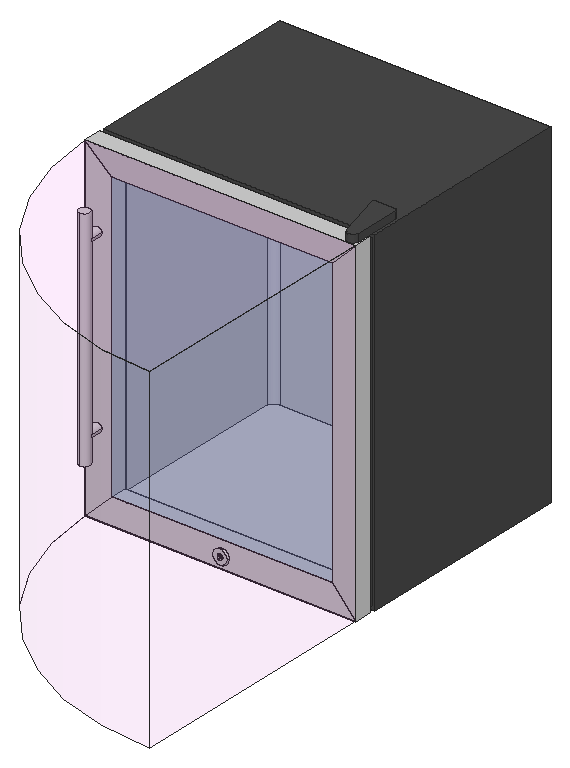
Revit family "Qf_Summit_SCR314L_Compact Beverage Center", category Specialty Equipment, Revit 2020
Family settings
  Round Connector Dimension = Use Diameter
  Part Type = Normal
  Work Plane-Based = No
  Always vertical = Yes
  Cut with Voids When Loaded = No
  Shared = No
  Room Calculation Point = No
Parameters
  Weight in Pounds = 53
  Watts = 0 W
  Volts = 115 V
  URL Cutsheet = ""
  Specification by User = ""
  Specification by Manufacturer = ""
  Show Clearance [instance] = yes
  Serial Number = ""
  Seismic Rating = ""
  SMACNA No = ""
  Revision Code = ""
  Phase = 1
  Number of Poles = 1
  NAFEM Spec ID Number = ""
  Model = "SCR314L"
  Min Ckt Ampacity = 0 A
  Max Overcurrent Protection = 0 A
  Masterspec = ""
  Manufacturer = "Summit"
  Length = 18 7/8"
  Item Number = ""
  Installed By = ""
  Identify Quantity as Lot = yes
  Height = 24 1/4"
  HP = ""
  Furnished By = ""
  Foodservice Equipment Identifier = yes
  FL Amps = 1.3 A
  Electrical Remarks = ""
  Electric Connection Type = ""
  Elec Conn RI Height = 0"
  Elec Conn Connection Height = 0"
  Description = "Compact Beverage Center"
  Depth = 17"
  Default Elevation = 0"
  Cycle = 60 Hz
  Conn Plug = ""
  Conn Conduit = yes
  CSI MasterFormat = ""
  Apparent Power = if(Phase = 3, Volts * FL Amps * 1.73, Volts * FL Amps)  # 149.5 VA
Reference planes (in)
  plane 1: z = 0
  plane 2 "LEFT": x = 0
  plane 3 "RIGHT": x = 18.875
  plane 4 "FRONT": y = -17.75
  plane 5 "TOP": z = 24.25
  plane 6 "Center Y": x = 9.4375
  plane 7 "Center X": y = -9.25
  plane 8 "BACK": y = -0.75
  plane 9: y = -19.125
  plane 10: x = 14.875
  plane 11: y = -35.75
  plane 12: y = -16.125
  plane 13: z = 20.5
  plane 14: z = 4.75
  plane 15: z = 0.75
  plane 16: z = 24.75
Forms (in)
  Extrusion 1, solid, material "QF_Metal - Stainless - Polished"
    sketch origin (22.25, -2.96287, 32) x (0, 1, 0) y (-1, 0, 0)
      loop
        circle (-15.78713, 21.5) r 0.375
    from -27.25 to -11.5
  Extrusion 2, solid, material "QF_Metal - Stainless - Polished"
    sketch origin (22.25, -2.96287, 32) x (0, 1, 0) y (-1, 0, 0)
      loop
        line (-14.78713, 22.25) -> (-14.78713, 3.375) -> (-13.53713, 3.375) -> (-13.53713, 22.25) -> (-14.78713, 22.25)
    from -31.25 to -7.75
  Extrusion 3, solid, material "QF_Plastic - Black - Matte"
    sketch origin (22.25, -2.96287, 32) x (0, 1, 0) y (-1, 0, 0)
      loop
        line (-13.16213, 3.5625) -> (-13.16213, 22.125) -> (-13.53713, 22.125) -> (-13.53713, 3.5625) -> (-13.16213, 3.5625)
    from -31.0055 to -8
  Extrusion 4, solid, material "QF_Plastic - Black - Matte"
    sketch origin (22.25, -2.96287, 32) x (0, 1, 0) y (-1, 0, 0)
      loop
        line (2.21287, 22.25) -> (-13.16213, 22.25) -> (-13.16213, 3.375) -> (2.21287, 3.375) -> (2.21287, 22.25)
    from -31.25 to -7.75
  Extrusion 5, void
    sketch origin (22.25, -2.96287, 32) x (0, 1, 0) y (-1, 0, 0)
      loop
        arc (-0.43754, 20.1875) -> (-0.58399, 20.54105) -> (-0.93754, 20.6875) r 0.5
        line (-0.93754, 20.6875) -> (-13.53713, 20.6875) -> (-13.53713, 4.9375) -> (-0.93754, 4.9375)
        arc (-0.93754, 4.9375) -> (-0.58399, 5.08395) -> (-0.43754, 5.4375) r 0.5
        line (-0.43754, 5.4375) -> (-0.43754, 20.1875)
    from -29.875 to -9.125
  Extrusion 6, void
    sketch origin (23.6875, -25.51715, 36.42187) x (1, 0, 0) y (0, 0, -1)
      loop
        line (-21.94167, 13.92187) -> (-6.55833, 13.92187) -> (-6.55833, 33.92187) -> (-21.94167, 33.92187) -> (-21.94167, 13.92187)
    from 7.74174 to 9.01715
  Sweep 7, void
    path origin (0, -17.75, 32) x (1, 0, 0) y (0, 0, 1)
      loop
        line (18.875, -7.75) -> (0, -7.75) -> (0, -31.25) -> (18.875, -31.25) -> (18.875, -7.75)
    profile origin (9.4375, -17.75, 24.25) x (0, 0, -1) y (0, -1, 0)
      loop
        line (-0.25, 0.02001) -> (1.75, -0.14009) -> (1.75, 0.35676) -> (-0.25, 0.35676) -> (-0.25, 0.02001)
  Extrusion 8, solid, material "Glass"
    sketch origin (0, -1.625, 32) x (1, 0, 0) y (0, 0, -1)
      loop
        line (1.74583, 9.5) -> (17.12917, 9.5) -> (17.12917, 29.5) -> (1.74583, 29.5) -> (1.74583, 9.5)
    from -15.98524 to -14.875
  Extrusion 9, solid, material "QF_Metal - Stainless - Polished"
    sketch origin (23.6875, -25.51715, 36.42187) x (1, 0, 0) y (0, 0, -1)
      loop
        circle (-22.9375, 17.67187) r 0.33055
      loop
        circle (-22.9375, 29.92187) r 0.33055
    from 6.76715 to 7.88135
  Extrusion 10, solid, material "QF_Plastic - Black - Matte"
    sketch origin (22.25, -2.96287, 24.25) x (0, 1, 0) y (-1, 0, 0)
      loop
        line (-10.93754, 3.6875) -> (-10.93754, 5.0625)
        arc (-10.93754, 5.0625) -> (-10.98794, 5.1628) -> (-11.0985, 5.18222) r 0.125
        line (-11.0985, 5.18222) -> (-14.42041, 4.29665)
        arc (-14.42041, 4.29665) -> (-14.68356, 3.88298) -> (-14.31254, 3.5625) r 0.375
        line (-14.31254, 3.5625) -> (-11.06254, 3.5625)
        arc (-11.06254, 3.5625) -> (-10.97415, 3.59911) -> (-10.93754, 3.6875) r 0.125
    from 0 to 0.5
  Extrusion 11, solid, material "QF_Metal - Stainless - Polished"
    sketch origin (-1, -0.75, 32) x (1, 0, 0) y (0, 0, -1)
      loop
        circle (15.875, 30.33891) r 0.25
    from 0 to 0.22467
  Blend 12, solid, material "QF_Metal - Stainless - Polished"
    base sketch origin (0, -17.75, 32) x (1, 0, 0) y (0, 0, 1)
      loop
        circle (9.4375, -30.5) r 0.5625
    top sketch origin (0, -17.75, 32) x (1, 0, 0) y (0, 0, 1)
      loop
        circle (9.4375, -30.5) r 0.5
    from -0.21564 to 0.03026
  Extrusion 13, void
    sketch origin (0, -17.78026, 32) x (-1, 0, 0) y (0, 0, 1)
      loop
        circle (-9.4375, -30.5) r 0.1875
      loop
        spline (-9.4375, -30.63957) -> (-9.43188, -30.63481) -> (-9.42663, -30.62087) -> (-9.42213, -30.59869) -> (-9.41868, -30.56978) -> (-9.41651, -30.53612) -> (-9.41577, -30.5) -> (-9.41651, -30.46388) -> (-9.41868, -30.43022) -> (-9.42213, -30.40131) -> (-9.42663, -30.37913) -> (-9.43188, -30.36519) -> (-9.4375, -30.36043)
        spline (-9.4375, -30.36043) -> (-9.44312, -30.36519) -> (-9.44837, -30.37913) -> (-9.45287, -30.40131) -> (-9.45632, -30.43022) -> (-9.45849, -30.46388) -> (-9.45923, -30.5) -> (-9.45849, -30.53612) -> (-9.45632, -30.56978) -> (-9.45287, -30.59869) -> (-9.44837, -30.62087) -> (-9.44312, -30.63481) -> (-9.4375, -30.63957)
      loop
        circle (-9.4375, -30.5) r 0.16207
    from 0 to 0.17002
  Revolve 14, solid, material "QF_Plastic - Black - Matte"
    sketch origin (0, -15, 32) x (1, 0, 0) y (0, 0, 1)
      loop
        line (2.125, -31.4375) -> (1.75, -31.4375) -> (1.75, -31.25) -> (1.5625, -31.25) -> (1.5625, -32) -> (2.07084, -32)
        arc (2.07084, -32) -> (2.10914, -31.98414) -> (2.125, -31.94584) r 0.05416
        line (2.125, -31.94584) -> (2.125, -31.4375)
      axis (1.5625, -32) -> (1.5625, -31.25)
    angle from 0 to 360
  Revolve 15, solid, material "QF_Plastic - Black - Matte"
    sketch origin (18.875, -15, 32) x (-1, 0, 0) y (0, 0, -1)
      loop
        line (2.125, 31.4375) -> (2.125, 31.94584)
        arc (2.125, 31.94584) -> (2.10914, 31.98414) -> (2.07084, 32) r 0.05416
        line (2.07084, 32) -> (1.5625, 32) -> (1.5625, 31.25) -> (1.75, 31.25) -> (1.75, 31.4375) -> (2.125, 31.4375)
      axis (1.5625, 32) -> (1.5625, 31.25)
    angle from 0 to 360
  Revolve 16, solid, material "QF_Plastic - Black - Matte"
    sketch origin (0, -1.75, 32) x (1, 0, 0) y (0, 0, 1)
      loop
        line (2.125, -31.4375) -> (1.75, -31.4375) -> (1.75, -31.25) -> (1.5625, -31.25) -> (1.5625, -32) -> (2.07084, -32)
        arc (2.07084, -32) -> (2.10914, -31.98414) -> (2.125, -31.94584) r 0.05416
        line (2.125, -31.94584) -> (2.125, -31.4375)
      axis (1.5625, -32) -> (1.5625, -31.25)
    angle from 0 to 360
  Revolve 17, solid, material "QF_Plastic - Black - Matte"
    sketch origin (18.875, -1.75, 32) x (-1, 0, 0) y (0, 0, -1)
      loop
        line (2.125, 31.4375) -> (2.125, 31.94584)
        arc (2.125, 31.94584) -> (2.10914, 31.98414) -> (2.07084, 32) r 0.05416
        line (2.07084, 32) -> (1.5625, 32) -> (1.5625, 31.25) -> (1.75, 31.25) -> (1.75, 31.4375) -> (2.125, 31.4375)
      axis (1.5625, 32) -> (1.5625, 31.25)
    angle from 0 to 360
  Extrusion 18, solid, material "QF_Clearances_Door_Drawer"
    sketch origin (22.25, -2.96287, 24.25) x (0, 1, 0) y (-1, 0, 0)
      loop
        arc (-14.78713, 22.22971) -> (-27.56463, 16.40861) -> (-32.78713, 3.375) r 18.875
        line (-32.78713, 3.375) -> (-14.78713, 3.375) -> (-14.78713, 22.22971)
    from -23.5 to 0
Cuts and joins
  Extrusion 5 cuts Extrusion 3
  Sweep 7 cuts Extrusion 1
  Extrusion 5, Extrusion 6, Sweep 7 cuts Extrusion 2
  joined: Extrusion 1, Extrusion 2, Extrusion 9, Extrusion 11
  Extrusion 13 cuts Blend 12
  Extrusion 5 cuts Extrusion 4
Lines and regions (in)
  symbolic lines, style "SpecialityEquipment"
    curve 1: line (0, -0.75, 24.25) -> (0, -16.125, 24.25)
    curve 2: line (0, -16.125, 24.25) -> (17.61791, -16.125, 24.25)
    curve 3: line (18.875, -16.125, 24.25) -> (18.875, -0.75, 24.25)
    curve 4: line (18.875, -0.75, 24.25) -> (0, -0.75, 24.25)
    curve 5: line (17.71788, -16.5, 24.25) -> (17.95335, -17.38328, 24.25)
    curve 6: arc (17.95335, -17.38328, 24.25) -> (18.36702, -17.64643, 24.25) -> (18.6875, -17.27541, 24.25) r 0.375
    curve 7: line (18.6875, -17.27541, 24.25) -> (18.6875, -14.02541, 24.25)
    curve 8: arc (18.6875, -14.02541, 24.25) -> (18.65089, -13.93702, 24.25) -> (18.5625, -13.90041, 24.25) r 0.125
    curve 9: line (18.5625, -13.90041, 24.25) -> (17.1875, -13.90041, 24.25)
    curve 10: arc (17.1875, -13.90041, 24.25) -> (17.08958, -13.94771, 24.25) -> (17.06577, -14.05382, 24.25) r 0.125
    curve 11: line (18.875, -16.5, 24.25) -> (18.6875, -16.5, 24.25)
    curve 12: line (0, -16.5, 24.25) -> (0, -17.75, 24.25)
  symbolic lines
    curve 13: line (0.125, -16.125, 24.25) -> (0.125, -16.5, 24.25)
    curve 14: line (18.6875, -16.125, 24.25) -> (18.875, -16.125, 24.25)
    curve 15: line (17.71788, -16.5, 24.25) -> (0, -16.5, 24.25)
    curve 18: line (17.06577, -14.05382, 24.25) -> (17.95335, -17.38328, 24.25)
    curve 19: line (18.875, -17.75, 24.25) -> (0.02029, -17.75, 24.25)
    curve 20: line (18.875, -17.75, 24.25) -> (18.875, -16.5, 24.25)
  symbolic lines, style "QF_Clearances_Door_Drawer"
    curve 16: arc (0.02029, -17.75, 24.25) -> (0.87151, -22.54421, 24.25) -> (2.92084, -26.96114, 24.25) r 18.875
    curve 17: line (2.92084, -26.96114, 24.25) -> (18.875, -17.75, 24.25)
Dimensions and locks (in)
  equal spacing: plane 2 "LEFT", plane 6 "Center Y", plane 3 "RIGHT"
  "Length": plane 2 "LEFT" to plane 3 "RIGHT"
  equal spacing: plane 4 "FRONT", plane 7 "Center X", plane 8 "BACK"
  "Height": plane 5 "TOP" to level
  plane 3 "RIGHT" to plane 2 "LEFT" = 18 7/8"
  plane 5 "TOP" to level = 24 1/4"  (x2)
  "Depth": plane 4 "FRONT" to plane 8 "BACK"
  plane 4 "FRONT" to plane 8 "BACK" = 17"
  plane 4 "FRONT" to plane 9 = 1 3/8"
  plane 11 to plane 8 "BACK" = 35"
  plane 12 to plane 8 "BACK" = 15 3/8"
  plane 15 to level = 3/4"
  plane 16 to plane 5 "TOP" = 1/2"
  plane 10 to plane 3 "RIGHT" = 4"
  aligned and locked: level to plane 1
  aligned and locked: Extrusion 2 to Extrusion 6
  aligned and locked: plane 16 to Extrusion 10
  aligned and locked: cut or joined group of Extrusion 1, Extrusion 2, Extrusion 5, Extrusion 6, Sweep 7, Extrusion 9, Extrusion 11 to Extrusion 18
  aligned and locked: plane 5 "TOP" to Extrusion 18
Automatic sketch dimensions
  Extrusion 2 sketch curve to plane 3 "RIGHT" = 0"
  plane 4 "FRONT" to Extrusion 2 sketch curve = 0"
  Extrusion 2 sketch curve to plane 2 "LEFT" = 0"
  plane 12 to Extrusion 2 sketch curve = 3/8"
  plane 12 to Extrusion 3 sketch curve = 0"
  plane 2 "LEFT" to Extrusion 3 sketch curve = 1/8"
  Extrusion 3 sketch curve to Extrusion 3 sketch curve = 3/8"
  plane 3 "RIGHT" to Extrusion 3 sketch curve = 3/16"
  Extrusion 4 sketch curve to plane 2 "LEFT" = 0"
  plane 12 to Extrusion 4 sketch curve = 0"
  plane 8 "BACK" to Extrusion 4 sketch curve = 0"
  Extrusion 4 sketch curve to plane 3 "RIGHT" = 0"
  plane 12 to Extrusion 5 sketch curve = 3/8"
  plane 2 "LEFT" to Extrusion 5 sketch curve = 1 9/16"
  plane 8 "BACK" to Extrusion 5 sketch curve = 3.15041"  (x2)
  plane 10 to Extrusion 5 sketch curve = 1 15/16"
  Extrusion 5 sketch curve to Extrusion 5 sketch curve = 1/2"
  plane 2 "LEFT" to Extrusion 6 sketch curve = 1.74583"
  plane 3 "RIGHT" to Extrusion 6 sketch curve = 1.74583"
  Extrusion 6 sketch curve to plane 5 "TOP" = 1 3/4"
  Extrusion 6 sketch curve to plane 15 = 1 3/4"
  Sweep 7 sketch curve to Extrusion 2 = 0"  (x3)
  Extrusion 2 to Sweep 7 sketch curve = 0"
  profile plane to Sweep 7 sketch curve = 1/4"
  Sweep 7 sketch curve to profile plane = 0.14009"
  Sweep 7 sketch curve to profile plane = 1 3/4"
  profile plane to Sweep 7 sketch curve = 0.02001"
  Sweep 7 sketch curve to Sweep 7 sketch curve = 0.33675"
  plane 2 "LEFT" to Extrusion 8 sketch curve = 1.74583"
  plane 3 "RIGHT" to Extrusion 8 sketch curve = 1.74583"
  Extrusion 8 sketch curve to plane 5 "TOP" = 1 3/4"
  Extrusion 8 sketch curve to plane 15 = 1 3/4"
  plane 2 "LEFT" to Extrusion 9 sketch curve = 3/4"  (x2)
  plane 13 to Extrusion 9 sketch curve = 1 3/4"
  Extrusion 9 sketch curve to plane 14 = 1 3/4"
  Extrusion 10 sketch curve to Extrusion 4 = 0.92165"
  Extrusion 4 to Extrusion 10 sketch curve = 1.25828"
  Extrusion 10 sketch curve to Extrusion 10 sketch curve = 0.10787"
  Extrusion 10 sketch curve to Extrusion 4 = 2.06363"
  Extrusion 10 sketch curve to Extrusion 10 sketch curve = 0.03596"
  Extrusion 10 sketch curve to Extrusion 4 = 5/16"
  Extrusion 10 sketch curve to Extrusion 10 sketch curve = 0"
  Extrusion 10 sketch curve to Extrusion 10 sketch curve = 1/8"
  Extrusion 10 sketch curve to Extrusion 10 sketch curve = 1 3/8"
  Extrusion 4 to Extrusion 11 sketch curve = 0.91109"
  Extrusion 11 sketch curve to Extrusion 4 = 4"
  Extrusion 2 to Blend 12 sketch curve = 3/4"  (x2)
  Extrusion 2 to Blend 12 sketch curve = 9 7/16"  (x2)
  Extrusion 13 sketch curve to Extrusion 13 sketch curve = 0"  (x2)
  Extrusion 13 sketch curve to Extrusion 13 sketch curve = 0.13957"
  Revolve 14 sketch curve to level = 0"
  Revolve 14 sketch curve to plane 15 = 0"  (x2)
  plane 2 "LEFT" to Revolve 14 sketch curve = 1 9/16"
  Revolve 14 sketch curve to Revolve 14 sketch curve = 3/16"
  level to Revolve 14 sketch curve = 0.05416"
  Revolve 14 sketch curve to Revolve 14 sketch curve = 0.50834"
  plane 15 to Revolve 14 sketch curve = 3/16"
  Revolve 14 sketch curve to Revolve 14 sketch curve = 0"
  Revolve 14 sketch curve to plane 15 = 0.14007"
  Revolve 15 sketch curve to level = 0"
  Revolve 15 sketch curve to plane 15 = 0"  (x2)
  plane 3 "RIGHT" to Revolve 15 sketch curve = 1 9/16"
  Revolve 15 sketch curve to Revolve 15 sketch curve = 3/16"
  level to Revolve 15 sketch curve = 0.05416"
  Revolve 15 sketch curve to Revolve 15 sketch curve = 0.50834"
  plane 15 to Revolve 15 sketch curve = 3/16"
  Revolve 15 sketch curve to Revolve 15 sketch curve = 0"
  Revolve 15 sketch curve to Revolve 15 sketch curve = 0.14007"
  Revolve 16 sketch curve to level = 0"
  Revolve 16 sketch curve to plane 15 = 0"  (x2)
  plane 2 "LEFT" to Revolve 16 sketch curve = 1 9/16"
  Revolve 16 sketch curve to Revolve 16 sketch curve = 3/16"
  level to Revolve 16 sketch curve = 0.05416"
  Revolve 16 sketch curve to Revolve 16 sketch curve = 0.50834"
  plane 15 to Revolve 16 sketch curve = 3/16"
  Revolve 16 sketch curve to Revolve 16 sketch curve = 0"
  Revolve 16 sketch curve to plane 15 = 0.14007"
  Revolve 17 sketch curve to level = 0"
  Revolve 17 sketch curve to plane 15 = 0"  (x2)
  plane 3 "RIGHT" to Revolve 17 sketch curve = 1 9/16"
  Revolve 17 sketch curve to Revolve 17 sketch curve = 3/16"  (x2)
  level to Revolve 17 sketch curve = 0.05416"
  Revolve 17 sketch curve to Revolve 17 sketch curve = 0.50834"
  Revolve 17 sketch curve to Revolve 17 sketch curve = 0"
  Revolve 17 sketch curve to plane 15 = 0.14007"
  Extrusion 18 sketch curve to Extrusion 4 = 0"
  Extrusion 18 sketch curve to Extrusion 4 = 0.02029"
  Extrusion 4 to Extrusion 18 sketch curve = 1 5/8"
  Extrusion 18 sketch curve to Extrusion 18 sketch curve = 7/8"
  curve 12 to Extrusion 4 = 0"
  curve 17 to Extrusion 4 = 0"
  Extrusion 4 to curve 14 = 0"
  Extrusion 4 to curve 2 = 0"
  curve 4 to Extrusion 4 = 0"
  curve 14 to Extrusion 4 = 0"
  curve 1 to Extrusion 4 = 0"
  Extrusion 4 to curve 15 = 3/8"
  Extrusion 4 to curve 11 = 3/8"
  curve 16 to curve 11 = 3/8"
  curve 7 to Extrusion 4 = 3/16"
  curve 7 to curve 16 = 0.40041"
  curve 18 to curve 6 = 0.10787"
  curve 19 to curve 6 = 0.47459"
  curve 18 to Extrusion 4 = 2.07118"
  curve 18 to curve 10 = 0.02841"
  curve 10 to curve 7 = 0"
  curve 8 to curve 9 = 1/8"
  curve 7 to curve 6 = 3/8"
  curve 6 to curve 5 = 0.23547"
  curve 8 to curve 10 = 1 3/8"
  curve 19 to curve 12 = 0.02029"
  curve 12 to curve 16 = 0"
  curve 17 to Extrusion 4 = 2.92084"
  curve 13 to curve 12 = 1/8"
  curve 16 to Extrusion 4 = 0"
  radius of Extrusion 9 sketch curve = 0.33055"  (x2)
  radius of Extrusion 11 sketch curve = 1/4"
  radius of Blend 12 sketch curve = 9/16"
  radius of Blend 12 sketch curve = 1/2"
  radius of Extrusion 13 sketch curve to Blend 12 = 5/16"
  radius of Extrusion 13 sketch curve to Blend 12 = 0.33793"
Connectors (in)
  electrical at (14.875, -0.52533, 1.66109), driven by "Volts", driven by "Apparent Power"
    settings: on cut or joined group of Extrusion 1, Extrusion 2, Extrusion 5, Extrusion 6, Sweep 7, Extrusion 9, Extrusion 11, index 1, voltage 115 V, apparent load 149.5 VA, apparent load phase1 0 VA, apparent load phase2 0 VA, apparent load phase3 0 VA, power factor 1, load classification "Other", number of poles 1, system type 30, power factor state 1, is connector primary yes, connector utility no, sub classification motor no, connector description "Electrical Inlet"
